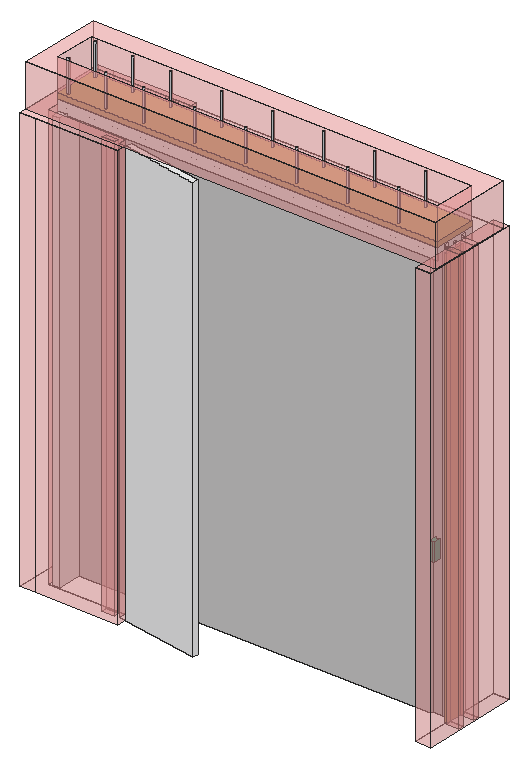
Revit family "Doors-Sliding_WON-DOOR_DuraSound_Manual_Floating_N", category Doors, host Wall, Revit 2020 (continued)
Definition of nested family "First Part"
  Lines and regions (in)
    detail lines, in view "Ref. Level", visible <- "Wall Construction"
      curve 21: line (3.12234, 11, 0) -> (1.49734, 11, 0)
      curve 22: line (1.49734, 9, 0) -> (1.49734, 11, 0)
      curve 23: line (-14.87766, 9, 0) -> (1.49734, 9, 0)
      curve 24: line (-14.87766, -9, 0) -> (-14.87766, 9, 0)
      curve 25: line (-19.25266, -13.875, 0) -> (-14.87766, -13.875, 0)
      curve 26: line (-14.87766, -13.875, 0) -> (3.12234, -13.875, 0)
      curve 27: line (1.49734, -9, 0) -> (-14.87766, -9, 0)
      curve 28: line (1.49734, -11, 0) -> (1.49734, -9, 0)
      curve 29: line (3.12234, -13.875, 0) -> (3.12234, -11, 0)
      curve 30: line (1.49734, -11, 0) -> (3.12234, -11, 0)
  Dimensions and locks (in)
    locked: curve 1 to curve 1 at 35
    locked: curve 2 to curve 2 at 60.00766
    locked: curve 2 to plane 1 "Center (Front/Back)" at 25.00766
    locked: plane 3 "1" to Masking region 7 sketch curve at 1.12234  (x2)
    locked: Masking region 8 sketch curve to plane 4 at 4.375
    locked: Masking region 1 sketch curve to Masking region 1 sketch curve at 2
    Masking region 7 sketch curve to Masking region 7 sketch curve to Masking region 7 sketch curve = 0' - 0 1/2" locked, 0' - 0.6683" locked  (x2)
    locked: plane 4 to Masking region 7 sketch curve at 2.5
    locked: Masking region 9 sketch curve to Masking region 9 sketch curve at 3.625  (x2)
    locked: Masking region 8 sketch curve to plane 5 "Center (Left/Right)" at 1.625  (x2)
    locked: Masking region 2 sketch curve to plane 5 "Center (Left/Right)" at 1.625  (x2)
    locked: Masking region 10 sketch curve to Masking region 10 sketch curve at 1.625
    "Stack Depth": plane 4 to plane 5 "Center (Left/Right)"
    locked: plane 5 "Center (Left/Right)" to Masking region 11 sketch curve at 0.26634
    locked: plane 5 "Center (Left/Right)" to Masking region 11 sketch curve at 21.7025
    locked: plane 5 "Center (Left/Right)" to Masking region 11 sketch curve at 21.96883
    aligned and locked: curve 1 to plane 4
    aligned and locked: plane 1 "Center (Front/Back)" to curve 1
    aligned and locked: curve 2 to plane 3 "1"
    aligned and locked: Masking region 7 sketch curve to Masking region 6  (x9)
    aligned and locked: Masking region 6 to Masking region 7 sketch curve  (x2)
    aligned and locked: plane 4 to Masking region 8 sketch curve
    aligned and locked: Masking region 2 sketch curve to plane 4
    aligned and locked: Masking region 3 to curve 5
    aligned and locked: Masking region 4 to curve 5
    aligned and locked: curve 6 to Masking region 4
    aligned and locked: curve 6 to Masking region 3
    aligned and locked: curve 8 to Masking region 6
    aligned and locked: curve 8 to Masking region 5
    aligned and locked: Masking region 5 to curve 7
    aligned and locked: Masking region 6 to curve 7
    aligned and locked: plane 5 "Center (Left/Right)" to Masking region 8 sketch curve  (x3)
    aligned and locked: Masking region 2 sketch curve to plane 5 "Center (Left/Right)"
    aligned and locked: Masking region 10 sketch curve to plane 5 "Center (Left/Right)"
    aligned and locked: plane 5 "Center (Left/Right)" to Masking region 11 sketch curve
    aligned and locked: curve 9 to Masking region 9
    aligned and locked: curve 10 to Masking region 9
    aligned and locked: curve 11 to Masking region 9
    aligned and locked: curve 12 to Masking region 9
    aligned and locked: curve 13 to Masking region 9
    aligned and locked: curve 14 to Masking region 9
    aligned and locked: curve 15 to Masking region 9
    aligned and locked: curve 16 to Masking region 9
    aligned and locked: curve 17 to Masking region 8
    aligned and locked: curve 18 to Masking region 8
    aligned and locked: curve 19 to Masking region 8
    aligned and locked: curve 20 to Masking region 8
    aligned and locked: curve 21 to Masking region 10
    aligned and locked: curve 22 to Masking region 8
    aligned and locked: curve 23 to Masking region 8
    aligned and locked: curve 24 to Masking region 8
    aligned and locked: curve 25 to Masking region 8
    aligned and locked: curve 26 to Masking region 8
    aligned and locked: curve 27 to Masking region 8
    aligned and locked: curve 28 to Masking region 8
    aligned and locked: curve 29 to Masking region 8
    aligned and locked: curve 30 to Masking region 10
  Automatic sketch dimensions
    Masking region 3 sketch curve to curve 1 = 0' - 5.86722"
    Masking region 3 sketch curve to Masking region 3 sketch curve = 0' - 0"  (x115)
    Masking region 3 sketch curve to curve 1 = 0' - 4.63688"  (x2)
    Masking region 3 sketch curve to curve 1 = 0' - 4.00688"  (x2)
    Masking region 3 sketch curve to Masking region 3 sketch curve = 0' - 0.04427"  (x22)
    Masking region 3 sketch curve to curve 1 = 0' - 3.69188"  (x2)
    Masking region 3 sketch curve to curve 1 = 0' - 4.32188"  (x2)
    Masking region 3 sketch curve to Masking region 3 sketch curve = 0' - 0.67452"  (x2)
    Masking region 3 sketch curve to Masking region 3 sketch curve = 0' - 0.73961"
    Masking region 3 sketch curve to Masking region 3 sketch curve = 0' - 0.00196"
    Masking region 3 sketch curve to Masking region 3 sketch curve = 0' - 0.05689"  (x4)
    Masking region 3 sketch curve to Masking region 3 sketch curve = 0' - 0.06541"  (x2)
    Masking region 3 sketch curve to Masking region 3 sketch curve = 0' - 0.02757"
    Masking region 3 sketch curve to Masking region 3 sketch curve = 0' - 0.48775"  (x2)
    Masking region 3 sketch curve to Masking region 3 sketch curve = 0' - 0.50856"  (x2)
    Masking region 3 sketch curve to Masking region 3 sketch curve = 0' - 0.45168"  (x3)
    Masking region 3 sketch curve to Masking region 3 sketch curve = 0' - 0.42411"  (x2)
    Masking region 3 sketch curve to Masking region 3 sketch curve = 0' - 0.5973"  (x9)
    Masking region 3 sketch curve to Masking region 3 sketch curve = 0' - 0.63786"  (x5)
    Masking region 3 sketch curve to Masking region 3 sketch curve = 0' - 0.32217"  (x8)
    Masking region 3 sketch curve to Masking region 3 sketch curve = 0' - 0.612"  (x7)
    Masking region 3 sketch curve to Masking region 3 sketch curve = 0' - 0.07516"  (x24)
    Masking region 3 sketch curve to Masking region 3 sketch curve = 0' - 0.548"  (x8)
    Masking region 3 sketch curve to Masking region 3 sketch curve = 0' - 0.26882"
    Masking region 3 sketch curve to Masking region 3 sketch curve = 0' - 0 1/32"  (x12)
    Masking region 3 sketch curve to Masking region 3 sketch curve = 0' - 0 3/32"  (x4)
    Masking region 3 sketch curve to Masking region 3 sketch curve = 0' - 0.70214"
    Masking region 3 sketch curve to curve 1 = 0' - 0.80801"  (x2)
    Masking region 3 sketch curve to Masking region 3 sketch curve = 0' - 0.03716"
    Masking region 3 sketch curve to Masking region 3 sketch curve = 0' - 0 5/64"  (x2)
    Masking region 3 sketch curve to curve 1 = 0' - 0.20356"
    curve 1 to Masking region 3 sketch curve = 0' - 0.07856"
    curve 1 to Masking region 3 sketch curve = 0' - 0.76374"  (x2)
    Masking region 3 sketch curve to Masking region 3 sketch curve = 0' - 0.65725"
    Masking region 3 sketch curve to Masking region 3 sketch curve = 0' - 0.04096"
    Masking region 3 sketch curve to Masking region 3 sketch curve = 0' - 0.60839"
    Masking region 3 sketch curve to Masking region 3 sketch curve = 0' - 1.08364"  (x2)
    Masking region 3 sketch curve to Masking region 3 sketch curve = 0' - 0.44315"
    Masking region 3 sketch curve to Masking region 3 sketch curve = 0' - 0.48579"
    Masking region 3 sketch curve to Masking region 3 sketch curve = 0' - 0.69007"  (x2)
    Masking region 3 sketch curve to Masking region 3 sketch curve = 0' - 0.71285"
    curve 1 to Masking region 3 sketch curve = 0' - 2 1/2"  (x2)
    Masking region 3 sketch curve to curve 1 = 0' - 2 1/2"  (x2)
    curve 1 to Masking region 3 sketch curve = 0' - 2 31/32"
    Masking region 3 sketch curve to Masking region 3 sketch curve = 0' - 0.08697"  (x2)
    Masking region 3 sketch curve to Masking region 3 sketch curve = 0' - 0.6683"  (x2)
    Masking region 3 sketch curve to Masking region 3 sketch curve = 0' - 0.02358"  (x2)
    Masking region 3 sketch curve to Masking region 3 sketch curve = 0' - 0.10059"  (x3)
    Masking region 3 sketch curve to Masking region 3 sketch curve = 0' - 0.08395"  (x2)
    Masking region 3 sketch curve to Masking region 3 sketch curve = 0' - 0.315"  (x61)
    Masking region 3 sketch curve to Masking region 3 sketch curve = 0' - 0.29142"
    Masking region 3 sketch curve to Masking region 3 sketch curve = 0' - 0 81/256"  (x20)
    Masking region 3 sketch curve to Masking region 3 sketch curve = 0' - 0 1/4"  (x20)
    Masking region 3 sketch curve to Masking region 3 sketch curve = 0' - 0.565"
    Masking region 3 sketch curve to Masking region 3 sketch curve = 0' - 0 7/16"
    curve 2 to Masking region 4 sketch curve = 0' - 3.72097"  (x2)
    curve 2 to Masking region 4 sketch curve = 2' - 5.13278"
    curve 2 to Masking region 4 sketch curve = 0' - 4.28597"
    Masking region 4 sketch curve to Masking region 4 sketch curve = 0' - 0"  (x120)
    curve 2 to Masking region 4 sketch curve = 0' - 6.74379"  (x2)
    curve 2 to Masking region 4 sketch curve = 0' - 5.48238"  (x2)
    curve 2 to Masking region 4 sketch curve = 0' - 7.05879"
    Masking region 4 sketch curve to Masking region 4 sketch curve = 0' - 0.04427"  (x21)
    curve 2 to Masking region 4 sketch curve = 0' - 5.23238"
    curve 2 to Masking region 4 sketch curve = 0' - 4.60097"  (x2)
    curve 2 to Masking region 4 sketch curve = 0' - 5.79738"
    curve 2 to Masking region 4 sketch curve = 0' - 4.03597"
    Masking region 4 sketch curve to Masking region 4 sketch curve = 0' - 0.67452"  (x2)
    Masking region 4 sketch curve to Masking region 4 sketch curve = 0' - 0.73961"
    Masking region 4 sketch curve to Masking region 4 sketch curve = 0' - 0.00196"
    Masking region 4 sketch curve to Masking region 4 sketch curve = 0' - 0.05689"  (x4)
    Masking region 4 sketch curve to Masking region 4 sketch curve = 0' - 0.06541"  (x2)
    Masking region 4 sketch curve to Masking region 4 sketch curve = 0' - 0.02757"
    Masking region 4 sketch curve to Masking region 4 sketch curve = 0' - 0.45168"  (x4)
    Masking region 4 sketch curve to Masking region 4 sketch curve = 0' - 0.50856"
    Masking region 4 sketch curve to Masking region 4 sketch curve = 0' - 0.48579"  (x2)
    curve 2 to Masking region 4 sketch curve = 0' - 6.11379"  (x2)
    curve 2 to Masking region 4 sketch curve = 0' - 6.65984"  (x2)
    Masking region 4 sketch curve to Masking region 4 sketch curve = 0' - 0.5973"  (x8)
    curve 2 to Masking region 4 sketch curve = 0' - 6.02984"  (x2)
    curve 2 to Masking region 4 sketch curve = 0' - 5.71344"  (x2)
    curve 2 to Masking region 4 sketch curve = 0' - 3.63703"  (x2)
    curve 2 to Masking region 4 sketch curve = 0' - 4.83344"  (x2)
    curve 2 to Masking region 4 sketch curve = 0' - 4.20203"  (x2)
    curve 2 to Masking region 4 sketch curve = 0' - 6.97484"  (x2)
    curve 2 to Masking region 4 sketch curve = 0' - 6.34484"  (x2)
    curve 2 to Masking region 4 sketch curve = 0' - 5 51/128"  (x2)
    curve 2 to Masking region 4 sketch curve = 0' - 4.51703"  (x2)
    curve 2 to Masking region 4 sketch curve = 0' - 5 19/128"  (x2)
    curve 2 to Masking region 4 sketch curve = 0' - 3.95203"  (x2)
    Masking region 4 sketch curve to Masking region 4 sketch curve = 0' - 0.63786"  (x6)
    curve 2 to Masking region 4 sketch curve = 0' - 4.12294"  (x2)
    curve 2 to Masking region 4 sketch curve = 0' - 7.14576"  (x2)
    curve 2 to Masking region 4 sketch curve = 0' - 5.31935"
    curve 2 to Masking region 4 sketch curve = 0' - 5.56935"  (x2)
    curve 2 to Masking region 4 sketch curve = 0' - 6.83076"  (x2)
    curve 2 to Masking region 4 sketch curve = 0' - 4.37294"  (x2)
    curve 2 to Masking region 4 sketch curve = 0' - 5.00435"
    Masking region 4 sketch curve to Masking region 4 sketch curve = 0' - 0.32217"  (x8)
    curve 2 to Masking region 4 sketch curve = 0' - 6.51576"  (x2)
    curve 2 to Masking region 4 sketch curve = 0' - 3.80794"  (x2)
    curve 2 to Masking region 4 sketch curve = 0' - 4.68794"
    curve 2 to Masking region 4 sketch curve = 0' - 6.20076"  (x2)
    curve 2 to Masking region 4 sketch curve = 0' - 5.88435"  (x2)
    Masking region 4 sketch curve to Masking region 4 sketch curve = 0' - 0.18854"
    Masking region 4 sketch curve to Masking region 4 sketch curve = 0' - 0.188"  (x3)
    curve 2 to Masking region 4 sketch curve = 0' - 3.95896"
    Masking region 4 sketch curve to Masking region 4 sketch curve = 0' - 0.612"  (x6)
    curve 2 to Masking region 4 sketch curve = 0' - 5.40536"  (x2)
    curve 2 to Masking region 4 sketch curve = 0' - 5.72036"
    curve 2 to Masking region 4 sketch curve = 0' - 6.03677"
    Masking region 4 sketch curve to Masking region 4 sketch curve = 0' - 0.07516"  (x24)
    curve 2 to Masking region 4 sketch curve = 0' - 6.98177"  (x2)
    curve 2 to Masking region 4 sketch curve = 0' - 4.84036"
    curve 2 to Masking region 4 sketch curve = 0' - 3.64396"
    curve 2 to Masking region 4 sketch curve = 0' - 5.15536"  (x2)
    curve 2 to Masking region 4 sketch curve = 0' - 6.66677"  (x2)
    curve 2 to Masking region 4 sketch curve = 0' - 5.25596"  (x2)
    Masking region 4 sketch curve to Masking region 4 sketch curve = 0' - 0.548"  (x8)
    curve 2 to Masking region 4 sketch curve = 0' - 3.74455"
    curve 2 to Masking region 4 sketch curve = 0' - 4.05955"
    curve 2 to Masking region 4 sketch curve = 0' - 6.13736"  (x2)
    curve 2 to Masking region 4 sketch curve = 0' - 5.50596"  (x2)
    curve 2 to Masking region 4 sketch curve = 0' - 6.45236"  (x2)
    curve 2 to Masking region 4 sketch curve = 0' - 5.82096"  (x2)
    curve 2 to Masking region 4 sketch curve = 0' - 4.30955"  (x2)
    curve 2 to Masking region 4 sketch curve = 0' - 6.76736"
    curve 2 to Masking region 4 sketch curve = 0' - 7.08236"  (x2)
    curve 2 to Masking region 4 sketch curve = 0' - 4.62455"  (x2)
    Masking region 4 sketch curve to curve 2 = 0' - 0.72734"
    Masking region 4 sketch curve to Masking region 4 sketch curve = 0' - 1.416"
    Masking region 4 sketch curve to Masking region 4 sketch curve = 0' - 0.05"
    Masking region 4 sketch curve to Masking region 4 sketch curve = 0' - 0.1"  (x2)
    Masking region 4 sketch curve to Masking region 4 sketch curve = 0' - 1 5/8"  (x2)
    Masking region 4 sketch curve to Masking region 4 sketch curve = 0' - 0.76638"
    Masking region 4 sketch curve to Masking region 4 sketch curve = 0' - 0.065"  (x2)
    curve 2 to Masking region 4 sketch curve = 0' - 0.03929"  (x2)
    Masking region 4 sketch curve to Masking region 4 sketch curve = 0' - 0.235"
    Masking region 4 sketch curve to Masking region 4 sketch curve = 0' - 0.176"  (x3)
    Masking region 4 sketch curve to curve 2 = 0' - 0.05072"  (x2)
    Masking region 4 sketch curve to Masking region 4 sketch curve = 0' - 0.05338"  (x2)
    Masking region 4 sketch curve to Masking region 4 sketch curve = 0' - 0.0403"  (x2)
    Masking region 4 sketch curve to Masking region 4 sketch curve = 0' - 1.03937"  (x2)
    Masking region 4 sketch curve to Masking region 4 sketch curve = 0' - 0.09699"
    Masking region 4 sketch curve to curve 2 = 0' - 0.06953"  (x2)
    Masking region 4 sketch curve to Masking region 4 sketch curve = 0' - 0.05424"  (x2)
    Masking region 4 sketch curve to Masking region 4 sketch curve = 0' - 0.165"  (x2)
    Masking region 4 sketch curve to curve 2 = 0' - 0.23017"  (x2)
    Masking region 4 sketch curve to Masking region 4 sketch curve = 0' - 0.06654"  (x2)
    Masking region 4 sketch curve to Masking region 4 sketch curve = 0' - 0.22589"  (x2)
    Masking region 4 sketch curve to Masking region 4 sketch curve = 0' - 0.46464"
    Masking region 4 sketch curve to Masking region 4 sketch curve = 0' - 1.48"
    Masking region 4 sketch curve to Masking region 4 sketch curve = 0' - 1.52748"
    Masking region 4 sketch curve to Masking region 4 sketch curve = 0' - 0.02374"
    curve 2 to Masking region 4 sketch curve = 0' - 4.94096"
    Masking region 4 sketch curve to Masking region 4 sketch curve = 0' - 0.06801"
    Masking region 4 sketch curve to Masking region 4 sketch curve = 0' - 0.38446"
    Masking region 4 sketch curve to curve 2 = 0' - 0.36875"
    Masking region 4 sketch curve to Masking region 4 sketch curve = 0' - 0.215"
    Masking region 4 sketch curve to Masking region 4 sketch curve = 0' - 1.08364"
    Masking region 4 sketch curve to Masking region 4 sketch curve = 0' - 0.94238"
    curve 2 to Masking region 4 sketch curve = 0' - 4.20896"
    curve 2 to Masking region 4 sketch curve = 0' - 4.52396"
    Masking region 4 sketch curve to Masking region 4 sketch curve = 0' - 0.23546"
    curve 2 to Masking region 4 sketch curve = 0' - 4.91738"
    Masking region 4 sketch curve to Masking region 4 sketch curve = 0' - 0.42411"
    Masking region 4 sketch curve to Masking region 4 sketch curve = 0' - 0.44315"
    Masking region 4 sketch curve to Masking region 4 sketch curve = 0' - 0.48775"
    Masking region 4 sketch curve to Masking region 4 sketch curve = 0' - 0.69007"  (x2)
    Masking region 4 sketch curve to Masking region 4 sketch curve = 0' - 0.71285"
    curve 2 to Masking region 4 sketch curve = 0' - 6.42879"
    Masking region 4 sketch curve to Masking region 4 sketch curve = 0' - 0.315"  (x16)
    Masking region 4 sketch curve to Masking region 4 sketch curve = 0' - 0 1/4"  (x6)
    Masking region 4 sketch curve to Masking region 4 sketch curve = 0' - 0 81/256"
    Masking region 4 sketch curve to Masking region 4 sketch curve = 0' - 0.71661"  (x2)
    Masking region 4 sketch curve to Masking region 4 sketch curve = 0' - 0 1/8"  (x4)
    Masking region 4 sketch curve to Masking region 4 sketch curve = 0' - 0.624"  (x2)
    curve 2 to Masking region 4 sketch curve = 0' - 0.26799"
    Masking region 4 sketch curve to Masking region 4 sketch curve = 0' - 0.03859"  (x2)
    Masking region 4 sketch curve to curve 2 = 0' - 0.33017"
    Masking region 4 sketch curve to curve 2 = 0' - 0.55995"
    Masking region 4 sketch curve to Masking region 4 sketch curve = 0' - 0.35859"
    Masking region 4 sketch curve to Masking region 4 sketch curve = 0' - 0.395"  (x2)
    curve 2 to Masking region 6 sketch curve = 0' - 4.05955"
    curve 2 to Masking region 6 sketch curve = 2' - 5.13278"
    Masking region 6 sketch curve to Masking region 6 sketch curve = 0' - 0"  (x19)
    Masking region 6 sketch curve to Masking region 6 sketch curve = 0' - 2.97322"
    Masking region 6 sketch curve to curve 2 = 0' - 0.38531"
    Masking region 6 sketch curve to Masking region 6 sketch curve = 0' - 1.604"
    Masking region 6 sketch curve to Masking region 6 sketch curve = 0' - 0.215"  (x2)
    Masking region 6 sketch curve to Masking region 6 sketch curve = 0' - 1.989"  (x2)
    Masking region 6 sketch curve to curve 2 = 0' - 0.03807"  (x2)
    Masking region 6 sketch curve to Masking region 6 sketch curve = 0' - 0.06484"
    Masking region 6 sketch curve to Masking region 6 sketch curve = 0' - 0.14126"  (x2)
    Masking region 6 sketch curve to Masking region 6 sketch curve = 0' - 0.02374"  (x3)
    Masking region 6 sketch curve to Masking region 6 sketch curve = 0' - 0.14962"  (x2)
    Masking region 6 sketch curve to Masking region 6 sketch curve = 0' - 1.38107"
    Masking region 6 sketch curve to Masking region 6 sketch curve = 0' - 1.48"
    Masking region 6 sketch curve to Masking region 6 sketch curve = 0' - 0.165"
    Masking region 6 sketch curve to Masking region 6 sketch curve = 0' - 0.23484"
    Masking region 6 sketch curve to Masking region 6 sketch curve = 0' - 2.98878"
    curve 2 to Masking region 6 sketch curve = 0' - 4.28597"
    Masking region 6 sketch curve to Masking region 6 sketch curve = 0' - 0.22642"  (x2)
    Masking region 6 sketch curve to Masking region 6 sketch curve = 0' - 0.315"  (x13)
    Masking region 6 sketch curve to Masking region 6 sketch curve = 0' - 0 1/4"  (x4)
    Masking region 6 sketch curve to Masking region 6 sketch curve = 0' - 0 81/256"  (x4)
    Masking region 6 sketch curve to Masking region 6 sketch curve = 0' - 0.84161"  (x2)
    Masking region 6 sketch curve to Masking region 6 sketch curve = 0' - 1"  (x2)
    curve 2 to Masking region 6 sketch curve = 0' - 0.26799"
    curve 2 to Masking region 6 sketch curve = 0' - 0.03929"  (x2)
    Masking region 6 sketch curve to Masking region 6 sketch curve = 0' - 0.19209"
    Masking region 6 sketch curve to Masking region 6 sketch curve = 0' - 0.08824"  (x2)
    Masking region 6 sketch curve to curve 2 = 0' - 0.29707"
    Masking region 6 sketch curve to Masking region 6 sketch curve = 0' - 0.73703"  (x2)
    Masking region 5 sketch curve to curve 1 = 0' - 4.2983"
    Masking region 5 sketch curve to curve 1 = 0' - 5.86722"
    Masking region 5 sketch curve to Masking region 5 sketch curve = 0' - 0"  (x18)
    Masking region 5 sketch curve to curve 1 = 0' - 1.57856"
    Masking region 5 sketch curve to Masking region 5 sketch curve = 0' - 0 1/32"  (x6)
    Masking region 5 sketch curve to Masking region 5 sketch curve = 0' - 0.70214"  (x2)
    Masking region 5 sketch curve to Masking region 5 sketch curve = 0' - 0 5/64"  (x2)
    Masking region 5 sketch curve to curve 1 = 0' - 0.76374"
    Masking region 5 sketch curve to Masking region 5 sketch curve = 0' - 0.00331"  (x2)
    Masking region 5 sketch curve to curve 1 = 0' - 0.10981"
    curve 1 to Masking region 5 sketch curve = 0' - 0.07856"
    curve 1 to Masking region 5 sketch curve = 0' - 0.76374"  (x2)
    Masking region 5 sketch curve to curve 1 = 0' - 3.6683"
    Masking region 5 sketch curve to Masking region 5 sketch curve = 0' - 4.30422"
    Masking region 5 sketch curve to curve 1 = 0' - 3"
    Masking region 5 sketch curve to Masking region 5 sketch curve = 0' - 0.6683"
    Masking region 5 sketch curve to Masking region 5 sketch curve = 0' - 0 15/32"  (x2)
    curve 1 to Masking region 5 sketch curve = 0' - 2 1/2"  (x2)
    Masking region 5 sketch curve to Masking region 5 sketch curve = 0' - 0.63"
    Masking region 5 sketch curve to Masking region 5 sketch curve = 0' - 0.315"  (x13)
    Masking region 5 sketch curve to Masking region 5 sketch curve = 0' - 0 81/256"  (x4)
    Masking region 5 sketch curve to Masking region 5 sketch curve = 0' - 0 1/4"  (x4)
    curve 2 to curve 4 = 0' - 6.99379"
    curve 2 to curve 4 = 2' - 5.13278"
    curve 4 to curve 4 = 0' - 11 3/4"
    Masking region 1 sketch curve to curve 1 = 0' - 2 1/2"
    Masking region 1 sketch curve to curve 1 = 0' - 8 1/2"
    curve 1 to Masking region 1 sketch curve = 0' - 8 1/2"
    Masking region 7 sketch curve to Masking region 7 sketch curve = 0' - 2.98878"
    plane 1 "Center (Front/Back)" to Masking region 7 sketch curve = 0' - 1.57856"
    plane 1 "Center (Front/Back)" to Masking region 7 sketch curve = 0' - 0.84517"
    Masking region 7 sketch curve to plane 1 "Center (Front/Back)" = 0' - 0.84517"
    Masking region 7 sketch curve to Masking region 7 sketch curve = 0' - 0.73339"
    Masking region 7 sketch curve to Masking region 7 sketch curve = 0' - 4.28867"
    Masking region 9 sketch curve to plane 3 "1" = 0' - 3.50063"  (x2)
    plane 1 "Center (Front/Back)" to Masking region 9 sketch curve = 0' - 11.24979"
    Masking region 9 sketch curve to Masking region 9 sketch curve = 0' - 1 5/8"  (x2)
    Masking region 9 sketch curve to plane 1 "Center (Front/Back)" = 0' - 9.62521"
    plane 1 "Center (Front/Back)" to Masking region 8 sketch curve = 1' - 1 7/8"  (x2)
    Masking region 8 sketch curve to Masking region 8 sketch curve = 0' - 2 7/8"
    Masking region 8 sketch curve to Masking region 8 sketch curve = 0' - 4 7/8"  (x2)
    Masking region 8 sketch curve to plane 1 "Center (Front/Back)" = 0' - 9"
    Masking region 8 sketch curve to Masking region 8 sketch curve = 0' - 2"
    Masking region 8 sketch curve to Masking region 8 sketch curve = 0' - 0"
    plane 1 "Center (Front/Back)" to Masking region 2 sketch curve = 0' - 11"
    Masking region 2 sketch curve to Masking region 2 sketch curve = 0' - 2"  (x2)
    Masking region 2 sketch curve to plane 1 "Center (Front/Back)" = 0' - 9"
    plane 1 "Center (Front/Back)" to Masking region 10 sketch curve = 0' - 11"
    Masking region 10 sketch curve to plane 1 "Center (Front/Back)" = 0' - 11"
    plane 1 "Center (Front/Back)" to Masking region 11 sketch curve = 1' - 2.60579"
    Masking region 11 sketch curve to Masking region 11 sketch curve = 0' - 1.60303"
    Masking region 8 sketch curve to plane 4 = 0' - 0"  (x4)
    curve 19 to curve 1 = 0' - 0"
    curve 17 to curve 1 = 0' - 0"
    curve 24 to curve 1 = 0' - 0"
    curve 26 to curve 1 = 0' - 0"
    curve 1 to curve 18 = 0' - 4 3/8"
    curve 18 to curve 1 = 1' - 1 7/8"
    curve 19 to curve 1 = 1' - 1 7/8"
    curve 19 to curve 10 = 0' - 2.62479"
    curve 9 to curve 21 = 0' - 0.25021"
    curve 9 to curve 11 = 0' - 1 5/8"
    curve 17 to curve 24 = 0' - 4 7/8"
    curve 10 to curve 5 = 0' - 3.75798"
    curve 1 to curve 3 = 0' - 5.88278"
    curve 6 to curve 28 = 0' - 3.11722"
    curve 27 to curve 13 = 0' - 0.62479"
    curve 13 to curve 28 = 0' - 1.37521"
    curve 28 to curve 16 = 0' - 0.24979"
    curve 24 to curve 26 = 0' - 4 7/8"
    curve 6 to curve 15 = 0' - 3.24315"
    curve 5 to curve 9 = 0' - 3.24315"
    curve 13 to curve 13 = 0' - 3 5/8"
    curve 9 to curve 9 = 0' - 3 5/8"
    curve 15 to curve 30 = 0' - 1.37297"
    curve 11 to curve 23 = 0' - 1.37297"
    curve 21 to curve 20 = 0' - 1 5/8"
    curve 28 to curve 26 = 0' - 1 5/8"
    curve 8 to curve 5 = 0' - 0"
    curve 7 to curve 3 = 0' - 0"
    curve 25 to curve 1 = 0' - 0"
    curve 25 to curve 26 = 0' - 0"
Definition of nested family "Second Part"
  Parameters (values of type "Second Part")
    Wall for Single [instance] = if(and(Wall Construction, Single Door), 1 = 1, 1 = 2)  # yes
    Wall for Double [instance] = if(and(Wall Construction, Double Door), 1 = 1, 1 = 2)  # yes
    Wall Construction [instance] = yes
    Stack Depth [instance] = 3' - 0"
    Single Door [instance] = yes
    Open [instance] = yes
    Double Door [instance] = yes
    Geomentry for Double [instance] = if(and(Open, Double Door), 1 = 1, 1 = 2)  # yes
    Door for Double [instance] = if(and(Closed, Double Door), 1 = 1, 1 = 2)  # no
    Closed [instance] = not(Open)  # no
    Backing for Single [instance] = if(and(Backing Profile, Single Door), 1 = 1, 1 = 2)  # yes
    Backing for Double [instance] = if(and(Backing Profile, Double Door), 1 = 1, 1 = 2)  # yes
    Backing Profile [instance] = yes
  Reference planes (in)
    plane 1 "Center (Front/Back)": y = 0
    plane 2: z = 0
    plane 3 "1": x = 0
    plane 4: x = -32.87766
    plane 5 "Center (Left/Right)": x = 3.12234
  Lines and regions (in)
    Masking region 1, in view "Ref. Level", visible <- "Geomentry for Double"
      outline origin (-32.87766, 35, 0) x (0, -1, 0) y (1, 0, 0)
        loop
          line (26.5, 0.5) -> (43.5, 0.5) -> (43.5, 2.5) -> (26.5, 2.5) -> (26.5, 0.5)
    Masking region 2, in view "Ref. Level", visible <- "Geomentry for Double"
      outline origin (0, 0, 0) x (1, 0, 0) y (0, 1, 0)
        loop
          line (-32.87766, 9) -> (-32.87766, -9) -> (1.49734, -9) -> (1.49734, -11) -> (3.12234, -11) -> (3.12234, 11) -> (1.49734, 11) -> (1.49734, 9) -> (-32.87766, 9)
    Masking region 3, in view "Ref. Level", visible <- "Geomentry for Double", detail levels fine
      outline origin (-32.87766, 35, 0) x (0, -1, 0) y (1, 0, 0)
        loop
          line (33.42144, 2.5) -> (33.54644, 2.5) -> (33.54644, 2.53125) -> (33.45269, 2.53125) -> (33.45269, 2.96875) -> (34.89019, 2.96875) -> (34.89019, 2.53125) -> (34.79644, 2.53125) -> (34.79644, 2.5) -> (34.92144, 2.5) -> (34.92144, 3) -> (34.23295, 3) -> (34.23295, 3.69188) -> (34.19199, 3.9833) -> (33.15262, 3.9833) -> (32.60462, 4.08389) -> (32.52946, 4.08389) -> (31.91746, 3.91991) -> (31.59529, 3.91991) -> (30.95744, 4.09082) -> (30.36013, 4.00688) -> (29.91698, 4.00688) -> (29.13278, 4.00688) -> (29.17705, 3.69188) -> (29.85157, 3.69188) -> (30.36013, 3.69188) -> (30.95744, 3.77582) -> (31.59529, 3.60491) -> (31.91746, 3.60491) -> (32.52946, 3.76889) -> (32.60462, 3.76889) -> (33.15262, 3.6683) -> (34.15483, 3.6683) -> (34.15483, 3) -> (33.42144, 3) -> (33.42144, 2.5)
        loop
          line (36.57856, 2.5) -> (36.57856, 3) -> (35.84517, 3) -> (35.84517, 3.6683) -> (36.84738, 3.6683) -> (37.39538, 3.76889) -> (37.47054, 3.76889) -> (38.08254, 3.60491) -> (38.40471, 3.60491) -> (39.04256, 3.77582) -> (39.63987, 3.69188) -> (40.14843, 3.69188) -> (40.83851, 3.69188) -> (40.88278, 4.00688) -> (40.08302, 4.00688) -> (39.63987, 4.00688) -> (39.04256, 4.09082) -> (38.40471, 3.91991) -> (38.08254, 3.91991) -> (37.47054, 4.08389) -> (37.39538, 4.08389) -> (36.84738, 3.9833) -> (35.80801, 3.9833) -> (35.76705, 3.69188) -> (35.76705, 3) -> (35.07856, 3) -> (35.07856, 2.5) -> (35.20356, 2.5) -> (35.20356, 2.53125) -> (35.10981, 2.53125) -> (35.10981, 2.96875) -> (36.54731, 2.96875) -> (36.54731, 2.53125) -> (36.45356, 2.53125) -> (36.45356, 2.5) -> (36.57856, 2.5)
        loop
          line (34.23626, 4.2983) -> (34.19199, 4.6133) -> (33.15262, 4.6133) -> (32.60462, 4.71389) -> (32.52946, 4.71389) -> (31.91746, 4.54991) -> (31.59529, 4.54991) -> (30.95744, 4.72082) -> (30.36013, 4.63688) -> (29.90845, 4.63688) -> (29.13278, 4.63688) -> (29.17705, 4.32188) -> (29.85157, 4.32188) -> (30.36013, 4.32188) -> (30.95744, 4.40582) -> (31.59529, 4.23491) -> (31.91746, 4.23491) -> (32.52946, 4.39889) -> (32.60462, 4.39889) -> (33.15262, 4.2983) -> (34.23626, 4.2983)
        loop
          line (34.23626, 5.49471) -> (34.19199, 5.80971) -> (33.15262, 5.80971) -> (32.60462, 5.9103) -> (32.52946, 5.9103) -> (31.91746, 5.74632) -> (31.59529, 5.74632) -> (30.95744, 5.91723) -> (30.36013, 5.83328) -> (29.93603, 5.83328) -> (29.13278, 5.83328) -> (29.17705, 5.51828) -> (30.36013, 5.51828) -> (30.95744, 5.60223) -> (31.59529, 5.43132) -> (31.91746, 5.43132) -> (32.52946, 5.5953) -> (32.60462, 5.5953) -> (33.15262, 5.49471) -> (34.23626, 5.49471)
        loop
          line (29.17705, 6.14969) -> (30.36013, 6.14969) -> (30.95744, 6.23364) -> (31.59529, 6.06272) -> (31.91746, 6.06272) -> (32.52946, 6.22671) -> (32.60462, 6.22671) -> (33.15262, 6.12611) -> (34.23626, 6.12611) -> (34.19199, 6.44111) -> (33.15262, 6.44111) -> (32.60462, 6.54171) -> (32.52946, 6.54171) -> (31.91746, 6.37772) -> (31.59529, 6.37772) -> (30.95744, 6.54864) -> (30.36013, 6.46469) -> (29.87434, 6.46469) -> (29.13278, 6.46469) -> (29.17705, 6.14969)
        loop
          line (29.17705, 6.71469) -> (30.36013, 6.71469) -> (30.95744, 6.79864) -> (31.59529, 6.62772) -> (31.91746, 6.62772) -> (32.52946, 6.79171) -> (32.60462, 6.79171) -> (33.15262, 6.69111) -> (34.23626, 6.69111) -> (34.19199, 7.00611) -> (33.15262, 7.00611) -> (32.60462, 7.10671) -> (32.52946, 7.10671) -> (31.91746, 6.94272) -> (31.59529, 6.94272) -> (30.95744, 7.11364) -> (30.36013, 7.02969) -> (29.87239, 7.02969) -> (29.13278, 7.02969) -> (29.17705, 6.71469)
        loop
          line (35.76374, 4.2983) -> (36.84738, 4.2983) -> (37.39538, 4.39889) -> (37.47054, 4.39889) -> (38.08254, 4.23491) -> (38.40471, 4.23491) -> (39.04256, 4.40582) -> (39.63987, 4.32188) -> (40.14843, 4.32188) -> (40.83851, 4.32188) -> (40.88278, 4.63688) -> (40.09155, 4.63688) -> (39.63987, 4.63688) -> (39.04256, 4.72082) -> (38.40471, 4.54991) -> (38.08254, 4.54991) -> (37.47054, 4.71389) -> (37.39538, 4.71389) -> (36.84738, 4.6133) -> (35.80801, 4.6133) -> (35.76374, 4.2983)
        loop
          line (35.76374, 5.49471) -> (36.84738, 5.49471) -> (37.39538, 5.5953) -> (37.47054, 5.5953) -> (38.08254, 5.43132) -> (38.40471, 5.43132) -> (39.04256, 5.60223) -> (39.63987, 5.51828) -> (40.83851, 5.51828) -> (40.88278, 5.83328) -> (40.06397, 5.83328) -> (39.63987, 5.83328) -> (39.04256, 5.91723) -> (38.40471, 5.74632) -> (38.08254, 5.74632) -> (37.47054, 5.9103) -> (37.39538, 5.9103) -> (36.84738, 5.80971) -> (35.80801, 5.80971) -> (35.76374, 5.49471)
        loop
          line (40.83851, 6.14969) -> (40.88278, 6.46469) -> (40.12566, 6.46469) -> (39.63987, 6.46469) -> (39.04256, 6.54864) -> (38.40471, 6.37772) -> (38.08254, 6.37772) -> (37.47054, 6.54171) -> (37.39538, 6.54171) -> (36.84738, 6.44111) -> (35.80801, 6.44111) -> (35.76374, 6.12611) -> (36.84738, 6.12611) -> (37.39538, 6.22671) -> (37.47054, 6.22671) -> (38.08254, 6.06272) -> (38.40471, 6.06272) -> (39.04256, 6.23364) -> (39.63987, 6.14969) -> (40.83851, 6.14969)
        loop
          line (40.83851, 6.71469) -> (40.88278, 7.02969) -> (40.12761, 7.02969) -> (39.63987, 7.02969) -> (39.04256, 7.11364) -> (38.40471, 6.94272) -> (38.08254, 6.94272) -> (37.47054, 7.10671) -> (37.39538, 7.10671) -> (36.84738, 7.00611) -> (35.80801, 7.00611) -> (35.76374, 6.69111) -> (36.84738, 6.69111) -> (37.39538, 6.79171) -> (37.47054, 6.79171) -> (38.08254, 6.62772) -> (38.40471, 6.62772) -> (39.04256, 6.79864) -> (39.63987, 6.71469) -> (40.83851, 6.71469)
        loop
          line (34.23626, 4.92971) -> (34.19199, 5.24471) -> (33.15262, 5.24471) -> (32.60462, 5.3453) -> (32.52946, 5.3453) -> (31.91746, 5.18132) -> (31.59529, 5.18132) -> (30.95744, 5.35223) -> (30.36013, 5.26828) -> (29.90845, 5.26828) -> (29.13278, 5.26828) -> (29.17705, 4.95328) -> (29.85157, 4.95328) -> (30.36013, 4.95328) -> (30.95744, 5.03723) -> (31.59529, 4.86632) -> (31.91746, 4.86632) -> (32.52946, 5.0303) -> (32.60462, 5.0303) -> (33.15262, 4.92971) -> (34.23626, 4.92971)
        loop
          line (35.76374, 4.92971) -> (36.84738, 4.92971) -> (37.39538, 5.0303) -> (37.47054, 5.0303) -> (38.08254, 4.86632) -> (38.40471, 4.86632) -> (39.04256, 5.03723) -> (39.63987, 4.95328) -> (40.14843, 4.95328) -> (40.83851, 4.95328) -> (40.88278, 5.26828) -> (40.09155, 5.26828) -> (39.63987, 5.26828) -> (39.04256, 5.35223) -> (38.40471, 5.18132) -> (38.08254, 5.18132) -> (37.47054, 5.3453) -> (37.39538, 5.3453) -> (36.84738, 5.24471) -> (35.80801, 5.24471) -> (35.76374, 4.92971)
    Masking region 4, in view "Ref. Level", visible <- "Geomentry for Double", detail levels fine
      outline origin (0, 35, 0) x (0, -1, 0) y (1, 0, 0)
        loop
          line (35.74, -0.26799) -> (35.74, -3.74455) -> (35.74, -4.05955) -> (36.84738, -4.05955) -> (37.39538, -3.95896) -> (37.47054, -3.95896) -> (38.08254, -4.12294) -> (38.40471, -4.12294) -> (39.04256, -3.95203) -> (39.63987, -4.03597) -> (40.83851, -4.03597) -> (40.88278, -3.72097) -> (40.12761, -3.72097) -> (39.63987, -3.72097) -> (39.04256, -3.63703) -> (38.40471, -3.80794) -> (38.08254, -3.80794) -> (37.47054, -3.64396) -> (37.39538, -3.64396) -> (36.84738, -3.74455) -> (35.905, -3.74455) -> (35.905, -3.02794) -> (36.081, -3.02794) -> (36.081, -2.90294) -> (37.706, -2.90294)
          arc (37.706, -2.90294) -> (37.83894, -2.84788) -> (37.894, -2.71494) r 0.188
          line (37.894, -2.71494) -> (37.894, -2.09094)
          arc (37.894, -2.09094) -> (37.83894, -1.95801) -> (37.706, -1.90294) r 0.188
          line (37.706, -1.90294) -> (36.081, -1.90294) -> (36.081, -1.77794) -> (35.905, -1.77794) -> (35.905, 0) -> (34.095, 0) -> (34.095, -1.77794) -> (33.919, -1.77794) -> (33.919, -1.90294) -> (32.294, -1.90294)
          arc (32.294, -1.90294) -> (32.16106, -1.95801) -> (32.106, -2.09094) r 0.188
          line (32.106, -2.09094) -> (32.106, -2.71494)
          arc (32.106, -2.71494) -> (32.16106, -2.84788) -> (32.294, -2.90294) r 0.188
          line (32.294, -2.90294) -> (33.919, -2.90294) -> (33.919, -3.02794) -> (34.095, -3.02794) -> (34.095, -3.74455) -> (33.15262, -3.74455) -> (32.60462, -3.64396) -> (32.52946, -3.64396) -> (31.91746, -3.80794) -> (31.59529, -3.80794) -> (30.95744, -3.63703) -> (30.36013, -3.72097) -> (29.87239, -3.72097) -> (29.13278, -3.72097) -> (29.17705, -4.03597) -> (30.36013, -4.03597) -> (30.95744, -3.95203) -> (31.59529, -4.12294) -> (31.91746, -4.12294) -> (32.52946, -3.95896) -> (32.60462, -3.95896) -> (33.15262, -4.05955) -> (34.26, -4.05955) -> (34.26, -3.74455) -> (34.26, -0.26799) -> (35.74, -0.26799)
        loop
          line (34.23626, -7.08236) -> (34.19199, -6.76736) -> (33.15262, -6.76736) -> (32.60462, -6.66677) -> (32.52946, -6.66677) -> (31.91746, -6.83076) -> (31.59529, -6.83076) -> (30.95744, -6.65984) -> (30.36013, -6.74379) -> (29.91698, -6.74379) -> (29.13278, -6.74379) -> (29.17705, -7.05879) -> (29.85157, -7.05879) -> (30.36013, -7.05879) -> (30.95744, -6.97484) -> (31.59529, -7.14576) -> (31.91746, -7.14576) -> (32.52946, -6.98177) -> (32.60462, -6.98177) -> (33.15262, -7.08236) -> (34.23626, -7.08236)
        loop
          line (34.23626, -6.45236) -> (34.19199, -6.13736) -> (33.15262, -6.13736) -> (32.60462, -6.03677) -> (32.52946, -6.03677) -> (31.91746, -6.20076) -> (31.59529, -6.20076) -> (30.95744, -6.02984) -> (30.36013, -6.11379) -> (29.90845, -6.11379) -> (29.13278, -6.11379) -> (29.17705, -6.42879) -> (29.85157, -6.42879) -> (30.36013, -6.42879) -> (30.95744, -6.34484) -> (31.59529, -6.51576) -> (31.91746, -6.51576) -> (32.52946, -6.35177) -> (32.60462, -6.35177) -> (33.15262, -6.45236) -> (34.23626, -6.45236)
        loop
          line (34.23626, -5.25596) -> (34.19199, -4.94096) -> (33.15262, -4.94096) -> (32.60462, -4.84036) -> (32.52946, -4.84036) -> (31.91746, -5.00435) -> (31.59529, -5.00435) -> (30.95744, -4.83344) -> (30.36013, -4.91738) -> (29.93603, -4.91738) -> (29.13278, -4.91738) -> (29.17705, -5.23238) -> (30.36013, -5.23238) -> (30.95744, -5.14844) -> (31.59529, -5.31935) -> (31.91746, -5.31935) -> (32.52946, -5.15536) -> (32.60462, -5.15536) -> (33.15262, -5.25596) -> (34.23626, -5.25596)
        loop
          line (29.17705, -4.60097) -> (30.36013, -4.60097) -> (30.95744, -4.51703) -> (31.59529, -4.68794) -> (31.91746, -4.68794) -> (32.52946, -4.52396) -> (32.60462, -4.52396) -> (33.15262, -4.62455) -> (34.23626, -4.62455) -> (34.19199, -4.30955) -> (33.15262, -4.30955) -> (32.60462, -4.20896) -> (32.52946, -4.20896) -> (31.91746, -4.37294) -> (31.59529, -4.37294) -> (30.95744, -4.20203) -> (30.36013, -4.28597) -> (29.87434, -4.28597) -> (29.13278, -4.28597) -> (29.17705, -4.60097)
        loop
          line (35.76374, -7.08236) -> (36.84738, -7.08236) -> (37.39538, -6.98177) -> (37.47054, -6.98177) -> (38.08254, -7.14576) -> (38.40471, -7.14576) -> (39.04256, -6.97484) -> (39.63987, -7.05879) -> (40.14843, -7.05879) -> (40.83851, -7.05879) -> (40.88278, -6.74379) -> (40.08302, -6.74379) -> (39.63987, -6.74379) -> (39.04256, -6.65984) -> (38.40471, -6.83076) -> (38.08254, -6.83076) -> (37.47054, -6.66677) -> (37.39538, -6.66677) -> (36.84738, -6.76736) -> (35.80801, -6.76736) -> (35.76374, -7.08236)
        loop
          line (35.76374, -6.45236) -> (36.84738, -6.45236) -> (37.39538, -6.35177) -> (37.47054, -6.35177) -> (38.08254, -6.51576) -> (38.40471, -6.51576) -> (39.04256, -6.34484) -> (39.63987, -6.42879) -> (40.14843, -6.42879) -> (40.83851, -6.42879) -> (40.88278, -6.11379) -> (40.09155, -6.11379) -> (39.63987, -6.11379) -> (39.04256, -6.02984) -> (38.40471, -6.20076) -> (38.08254, -6.20076) -> (37.47054, -6.03677) -> (37.39538, -6.03677) -> (36.84738, -6.13736) -> (35.80801, -6.13736) -> (35.76374, -6.45236)
        loop
          line (35.76374, -5.25596) -> (36.84738, -5.25596) -> (37.39538, -5.15536) -> (37.47054, -5.15536) -> (38.08254, -5.31935) -> (38.40471, -5.31935) -> (39.04256, -5.14844) -> (39.63987, -5.23238) -> (40.83851, -5.23238) -> (40.88278, -4.91738) -> (40.06397, -4.91738) -> (39.63987, -4.91738) -> (39.04256, -4.83344) -> (38.40471, -5.00435) -> (38.08254, -5.00435) -> (37.47054, -4.84036) -> (37.39538, -4.84036) -> (36.84738, -4.94096) -> (35.80801, -4.94096) -> (35.76374, -5.25596)
        loop
          line (40.83851, -4.60097) -> (40.88278, -4.28597) -> (40.12566, -4.28597) -> (39.63987, -4.28597) -> (39.04256, -4.20203) -> (38.40471, -4.37294) -> (38.08254, -4.37294) -> (37.47054, -4.20896) -> (37.39538, -4.20896) -> (36.84738, -4.30955) -> (35.80801, -4.30955) -> (35.76374, -4.62455) -> (36.84738, -4.62455) -> (37.39538, -4.52396) -> (37.47054, -4.52396) -> (38.08254, -4.68794) -> (38.40471, -4.68794) -> (39.04256, -4.51703) -> (39.63987, -4.60097) -> (40.83851, -4.60097)
        loop
          line (34.23626, -5.82096) -> (34.19199, -5.50596) -> (33.15262, -5.50596) -> (32.60462, -5.40536) -> (32.52946, -5.40536) -> (31.91746, -5.56935) -> (31.59529, -5.56935) -> (30.95744, -5.39844) -> (30.36013, -5.48238) -> (29.90845, -5.48238) -> (29.13278, -5.48238) -> (29.17705, -5.79738) -> (29.85157, -5.79738) -> (30.36013, -5.79738) -> (30.95744, -5.71344) -> (31.59529, -5.88435) -> (31.91746, -5.88435) -> (32.52946, -5.72036) -> (32.60462, -5.72036) -> (33.15262, -5.82096) -> (34.23626, -5.82096)
        loop
          line (35.76374, -5.82096) -> (36.84738, -5.82096) -> (37.39538, -5.72036) -> (37.47054, -5.72036) -> (38.08254, -5.88435) -> (38.40471, -5.88435) -> (39.04256, -5.71344) -> (39.63987, -5.79738) -> (40.14843, -5.79738) -> (40.83851, -5.79738) -> (40.88278, -5.48238) -> (40.09155, -5.48238) -> (39.63987, -5.48238) -> (39.04256, -5.39844) -> (38.40471, -5.56935) -> (38.08254, -5.56935) -> (37.47054, -5.40536) -> (37.39538, -5.40536) -> (36.84738, -5.50596) -> (35.80801, -5.50596) -> (35.76374, -5.82096)
    Masking region 5, in view "Ref. Level", visible <- "Geomentry for Double", detail levels medium
      outline origin (-22.25, 35, 0) x (0, -1, 0) y (1, 0, 0)
        loop
          line (33.42144, -8.12766) -> (33.45269, -8.12766) -> (33.45269, -7.65891) -> (34.89019, -7.65891) -> (34.89019, -8.12766) -> (34.92144, -8.12766) -> (34.92144, -7.62766) -> (34.23295, -7.62766) -> (34.23295, -6.64436) -> (29.13278, -6.64436) -> (29.13278, -6.95936) -> (34.15483, -6.95936) -> (34.15483, -7.62766) -> (33.42144, -7.62766) -> (33.42144, -8.12766)
        loop
          line (36.54731, -7.65891) -> (36.54731, -8.12766) -> (36.57856, -8.12766) -> (36.57856, -7.62766) -> (35.84517, -7.62766) -> (35.84517, -6.95936) -> (40.88278, -6.95936) -> (40.88278, -6.64436) -> (35.76705, -6.64436) -> (35.76705, -7.62766) -> (35.07856, -7.62766) -> (35.07856, -8.12766) -> (35.10981, -8.12766) -> (35.10981, -7.65891) -> (36.54731, -7.65891)
        loop
          line (34.23626, -6.32936) -> (34.23626, -6.01436) -> (29.13278, -6.01436) -> (29.13278, -6.32936) -> (34.23626, -6.32936)
        loop
          line (34.23626, -5.13295) -> (34.23626, -4.81795) -> (29.13278, -4.81795) -> (29.13278, -5.13295) -> (34.23626, -5.13295)
        loop
          line (34.23626, -4.50155) -> (34.23626, -4.18655) -> (29.13278, -4.18655) -> (29.13278, -4.50155) -> (34.23626, -4.50155)
        loop
          line (34.23626, -3.93655) -> (34.23626, -3.62155) -> (29.13278, -3.62155) -> (29.13278, -3.93655) -> (34.23626, -3.93655)
        loop
          line (34.23626, -5.69795) -> (34.23626, -5.38295) -> (29.13278, -5.38295) -> (29.13278, -5.69795) -> (34.23626, -5.69795)
        loop
          line (35.76374, -6.32936) -> (40.88278, -6.32936) -> (40.88278, -6.01436) -> (35.76374, -6.01436) -> (35.76374, -6.32936)
        loop
          line (35.76374, -5.13295) -> (40.88278, -5.13295) -> (40.88278, -4.81795) -> (35.76374, -4.81795) -> (35.76374, -5.13295)
        loop
          line (35.76374, -4.50155) -> (40.88278, -4.50155) -> (40.88278, -4.18655) -> (35.76374, -4.18655) -> (35.76374, -4.50155)
        loop
          line (35.76374, -3.93655) -> (40.88278, -3.93655) -> (40.88278, -3.62155) -> (35.76374, -3.62155) -> (35.76374, -3.93655)
        loop
          line (35.76374, -5.69795) -> (40.88278, -5.69795) -> (40.88278, -5.38295) -> (35.76374, -5.38295) -> (35.76374, -5.69795)
    Masking region 6, in view "Ref. Level", visible <- "Geomentry for Double", detail levels medium
      outline origin (0, 35, 0) x (0, -1, 0) y (1, 0, 0)
        loop
          line (35.74, -0.26799) -> (35.74, -3.74455) -> (35.74, -4.05955) -> (40.88278, -4.05955) -> (40.88278, -3.74455) -> (35.905, -3.74455) -> (35.905, -2.90294) -> (37.894, -2.90294) -> (37.894, -1.90294) -> (35.905, -1.90294) -> (35.905, 0) -> (34.095, 0) -> (34.095, -1.90294) -> (32.106, -1.90294) -> (32.106, -2.90294) -> (34.095, -2.90294) -> (34.095, -3.74455) -> (29.13278, -3.74455) -> (29.13278, -4.05955) -> (34.26, -4.05955) -> (34.26, -3.74455) -> (34.26, -0.26799) -> (35.74, -0.26799)
        loop
          line (34.23626, -6.99379) -> (34.23626, -6.67879) -> (29.13278, -6.67879) -> (29.13278, -6.99379) -> (34.23626, -6.99379)
        loop
          line (34.23626, -5.79738) -> (34.23626, -5.48238) -> (29.13278, -5.48238) -> (29.13278, -5.79738) -> (34.23626, -5.79738)
        loop
          line (34.23626, -5.16597) -> (34.23626, -4.85097) -> (29.13278, -4.85097) -> (29.13278, -5.16597) -> (34.23626, -5.16597)
        loop
          line (34.23626, -4.60097) -> (34.23626, -4.28597) -> (29.13278, -4.28597) -> (29.13278, -4.60097) -> (34.23626, -4.60097)
        loop
          line (34.23626, -6.36238) -> (34.23626, -6.04738) -> (29.13278, -6.04738) -> (29.13278, -6.36238) -> (34.23626, -6.36238)
        loop
          line (35.76374, -6.99379) -> (40.88278, -6.99379) -> (40.88278, -6.67879) -> (35.76374, -6.67879) -> (35.76374, -6.99379)
        loop
          line (35.76374, -5.79738) -> (40.88278, -5.79738) -> (40.88278, -5.48238) -> (35.76374, -5.48238) -> (35.76374, -5.79738)
        loop
          line (35.76374, -5.16597) -> (40.88278, -5.16597) -> (40.88278, -4.85097) -> (35.76374, -4.85097) -> (35.76374, -5.16597)
        loop
          line (35.76374, -4.60097) -> (40.88278, -4.60097) -> (40.88278, -4.28597) -> (35.76374, -4.28597) -> (35.76374, -4.60097)
        loop
          line (35.76374, -6.36238) -> (40.88278, -6.36238) -> (40.88278, -6.04738) -> (35.76374, -6.04738) -> (35.76374, -6.36238)
    Masking region 7, in view "Ref. Level", visible <- "Geomentry for Double", detail levels coarse
      outline origin (0, 0, 0) x (1, 0, 0) y (0, 1, 0)
        loop
          line (-29.20936, 5.86722) -> (-29.20936, 0.84517) -> (-29.87766, 0.84517) -> (-29.87766, 1.57856) -> (-30.37766, 1.57856) -> (-30.37766, -1.57856) -> (-29.87766, -1.57856) -> (-29.87766, -0.84517) -> (-29.20936, -0.84517) -> (-29.20936, -5.88278) -> (-3.74455, -5.88278) -> (-3.74455, -2.894) -> (-1.90294, -2.894) -> (-1.90294, -1.29) -> (0.23017, -1.29) -> (0.23017, 1.29) -> (-1.90294, 1.29) -> (-1.90294, 2.894) -> (-3.74455, 2.894) -> (-3.74455, 5.86722) -> (-29.20936, 5.86722)
    Masking region 8, in view "Ref. Level", visible <- "Wall for Double"
      outline origin (0, 0, 0) x (1, 0, 0) y (0, 1, 0)
        loop
          line (1.49734, 11) -> (3.12234, 11) -> (3.12234, 13.875) -> (-32.87766, 13.875) -> (-37.25266, 13.875) -> (-37.25266, -13.875) -> (-32.87766, -13.875) -> (3.12234, -13.875) -> (3.12234, -11) -> (1.49734, -11) -> (1.49734, -9) -> (-32.87766, -9) -> (-32.87766, 9) -> (1.49734, 9) -> (1.49734, 11)
    Masking region 9, in view "Ref. Level", visible <- "Backing for Double"
      outline origin (0, 0, 0) x (1, 0, 0) y (0, 1, 0)
        loop
          line (-3.50063, 11.25021) -> (-3.50063, 9.62521) -> (0.12437, 9.62521) -> (0.12437, 11.25021) -> (-3.50063, 11.25021)
        loop
          line (-3.50063, -9.62479) -> (-3.50063, -11.24979) -> (0.12437, -11.24979) -> (0.12437, -9.62479) -> (-3.50063, -9.62479)
    Masking region 10, in view "Ref. Level", visible <- "Geomentry for Double"
      outline origin (0, 0, 0) x (1, 0, 0) y (0, 1, 0)
        loop
          line (1.49734, 11) -> (1.49734, -11) -> (3.12234, -11) -> (3.12234, 11) -> (1.49734, 11)
    Masking region 11, in view "Ref. Level", visible <- "Door for Double"
      outline origin (0, 0, 0) x (1, 0, 0) y (0, 1, 0)
        loop
          line (24.82484, -14.60579) -> (25.09117, -13.00276) -> (3.38868, -9.39697) -> (3.12234, -11) -> (24.82484, -14.60579)
    Masking region 12, in view "Ref. Level", visible <- "Backing for Single"
      outline origin (0, 0, 0) x (1, 0, 0) y (0, 1, 0)
        loop
          line (-33.25266, 1.8731) -> (-33.25266, 3.4981) -> (-36.87766, 3.4981) -> (-36.87766, 1.8731) -> (-33.25266, 1.8731)
        loop
          line (-33.25266, -1.8731) -> (-36.87766, -1.8731) -> (-36.87766, -3.4981) -> (-33.25266, -3.4981) -> (-33.25266, -1.8731)
    Masking region 13, in view "Ref. Level", visible <- "Single Door"
      outline origin (0, 0, 0) x (1, 0, 0) y (0, 1, 0)
        loop
          line (-32.87766, 2.7501) -> (-32.87766, -2.75887) -> (-32.13032, -2.75887) -> (-32.13032, 2.7501) -> (-32.87766, 2.7501)
    Masking region 14, in view "Ref. Level", visible <- "Single Door", detail levels coarse
      outline origin (0, 0, 0) x (1, 0, 0) y (0, 1, 0)
        loop
          line (-30.35734, 0.90437) -> (-32.13032, 0.90437) -> (-32.13032, -0.90563) -> (-30.35734, -0.90563) -> (-30.35734, 0.90437)
    Masking region 15, in view "Ref. Level", visible <- "Single Door", detail levels medium
      outline origin (0, 0, 0) x (1, 0, 0) y (0, 1, 0)
        loop
          line (-32.13032, -0.90563) -> (-30.74232, -0.90563) -> (-30.74232, -0.80563) -> (-30.34852, -0.80563) -> (-30.34852, -0.70629) -> (-30.46732, -0.70629) -> (-30.46732, -0.46813) -> (-30.35734, -0.46813) -> (-30.35734, 0.46687) -> (-30.46732, 0.46687) -> (-30.46732, 0.70503) -> (-30.34852, 0.70503) -> (-30.34852, 0.80437) -> (-30.74232, 0.80437) -> (-30.74232, 0.90437) -> (-32.13032, 0.90437) -> (-32.13032, -0.90563)
    Masking region 16, in view "Ref. Level", visible <- "Single Door", detail levels coarse
      outline origin (0, 0, 0) x (1, 0, 0) y (0, 1, 0)
        loop
          line (-30.74232, 0.625) -> (-30.74232, -0.625) -> (-30.41732, -0.625) -> (-30.41732, 0.625) -> (-30.74232, 0.625)
        loop
          line (-30.84232, 0.805) -> (-32.13032, 0.805) -> (-32.13032, -0.805) -> (-30.84232, -0.805) -> (-30.84232, 0.805)
    Masking region 17, in view "Ref. Level", visible <- "Single Door", detail levels medium
      outline origin (0, 0, 0) x (1, 0, 0) y (0, 1, 0)
        loop
          line (-30.84232, 0.805) -> (-32.13032, 0.805) -> (-32.13032, -0.805) -> (-30.84232, -0.805) -> (-30.84232, -0.705) -> (-30.74232, -0.705) -> (-30.74232, -0.555) -> (-30.84232, -0.555) -> (-30.84232, 0.555) -> (-30.74232, 0.555) -> (-30.74232, 0.705) -> (-30.84232, 0.705) -> (-30.84232, 0.805)
        loop
          line (-30.74232, 0.469) -> (-30.74232, -0.469) -> (-30.61732, -0.469) -> (-30.61732, -0.625) -> (-30.51732, -0.625) -> (-30.51732, -0.4075) -> (-30.41732, -0.4075) -> (-30.41732, 0.4075) -> (-30.51732, 0.4075) -> (-30.51732, 0.625) -> (-30.61732, 0.625) -> (-30.61732, 0.469) -> (-30.74232, 0.469)
    Masking region 18, in view "Ref. Level", visible <- "Single Door", detail levels fine
      outline origin (0, 0, 0) x (1, 0, 0) y (0, 1, 0)
        loop
          line (-32.13032, 0.805) -> (-32.13032, -0.805) -> (-30.90432, -0.805)
          arc (-30.90432, -0.805) -> (-30.86048, -0.78684) -> (-30.84232, -0.743) r 0.062
          line (-30.84232, -0.743) -> (-30.84232, -0.705) -> (-30.74232, -0.705) -> (-30.74232, -0.555) -> (-30.84232, -0.555) -> (-30.84232, 0.555) -> (-30.74232, 0.555) -> (-30.74232, 0.705) -> (-30.84232, 0.705) -> (-30.84232, 0.743)
          arc (-30.84232, 0.743) -> (-30.86048, 0.78684) -> (-30.90432, 0.805) r 0.062
          line (-30.90432, 0.805) -> (-32.13032, 0.805)
        loop
          line (-30.4837, 0.4075) -> (-30.51732, 0.4075) -> (-30.51732, 0.625) -> (-30.61732, 0.625) -> (-30.61732, 0.469) -> (-30.74232, 0.469) -> (-30.74232, -0.469) -> (-30.61732, -0.469) -> (-30.61732, -0.625) -> (-30.51732, -0.625) -> (-30.51732, -0.4075) -> (-30.4837, -0.4075)
          arc (-30.4837, -0.4075) -> (-30.41732, 0) -> (-30.4837, 0.4075) r 1.284
    Masking region 19, in view "Ref. Level", visible <- "Single Door", detail levels fine
      outline origin (0, 0, 0) x (1, 0, 0) y (0, 1, 0)
        loop
          line (-30.86397, 0.90437) -> (-32.13032, 0.90437) -> (-32.13032, -0.90563) -> (-30.86397, -0.90563)
          arc (-30.86397, -0.90563) -> (-30.78523, -0.87742) -> (-30.74232, -0.80563) r 0.124
          line (-30.74232, -0.80563) -> (-30.37832, -0.80563)
          arc (-30.37832, -0.80563) -> (-30.3489, -0.78148) -> (-30.36684, -0.74792) r 0.03
          line (-30.36684, -0.74792) -> (-30.46732, -0.70629) -> (-30.46732, -0.46813) -> (-30.43551, -0.46813)
          arc (-30.43551, -0.46813) -> (-30.35734, -0.00063) -> (-30.43551, 0.46687) r 1.43699
          line (-30.43551, 0.46687) -> (-30.46732, 0.46687) -> (-30.46732, 0.70503) -> (-30.36684, 0.74665)
          arc (-30.36684, 0.74665) -> (-30.3489, 0.78022) -> (-30.37832, 0.80437) r 0.03
          line (-30.37832, 0.80437) -> (-30.74232, 0.80437)
          arc (-30.74232, 0.80437) -> (-30.78523, 0.87616) -> (-30.86397, 0.90437) r 0.124
    Masking region 20, in view "Ref. Level", visible <- "Wall for Single"
      outline origin (0, 0, 0) x (1, 0, 0) y (0, 1, 0)
        loop
          line (-37.25266, 13.875) -> (-37.25266, -13.875) -> (-32.87766, -13.875) -> (-32.87766, 13.875) -> (-37.25266, 13.875)
    reference lines, in view "Ref. Level"
      curve 1: line (-32.87766, 35, 0) -> (-32.87766, 0, 0)
      curve 2: line (0, 35, 0) -> (0, -25.00766, 0)
    detail lines, in view "Ref. Level", visible <- "Geomentry for Double", detail levels coarse
      curve 3: line (-25.84797, 5.86722, 0) -> (-25.84797, -5.88278, 0)
      curve 4: line (-6.99379, 5.86722, 0) -> (-6.99379, -5.88278, 0)
    detail lines, in view "Ref. Level", visible <- "Geomentry for Double", detail levels fine
      curve 5: line (-25.84797, 5.86722, 0) -> (-6.74379, 5.86722, 0)
      curve 6: line (-25.84797, -5.88278, 0) -> (-6.74379, -5.88278, 0)
    detail lines, in view "Ref. Level", visible <- "Geomentry for Double", detail levels medium
      curve 7: line (-26.18655, -5.88278, 0) -> (-6.99379, -5.88278, 0)
      curve 8: line (-26.18655, 5.86722, 0) -> (-6.99379, 5.86722, 0)
    detail lines, in view "Ref. Level", visible <- "Backing for Double"
      curve 9: line (0.12437, 11.25021, 0) -> (-3.50063, 11.25021, 0)
      curve 10: line (-3.50063, 11.25021, 0) -> (-3.50063, 9.62521, 0)
      curve 11: line (-3.50063, 9.62521, 0) -> (0.12437, 9.62521, 0)
      curve 12: line (0.12437, 9.62521, 0) -> (0.12437, 11.25021, 0)
      curve 13: line (0.12437, -9.62479, 0) -> (-3.50063, -9.62479, 0)
      curve 14: line (-3.50063, -9.62479, 0) -> (-3.50063, -11.24979, 0)
      curve 15: line (-3.50063, -11.24979, 0) -> (0.12437, -11.24979, 0)
      curve 16: line (0.12437, -11.24979, 0) -> (0.12437, -9.62479, 0)
    detail lines, in view "Ref. Level", visible <- "Wall for Double"
      curve 17: line (-32.87766, 13.875, 0) -> (-37.25266, 13.875, 0)
      curve 18: line (-37.25266, 13.875, 0) -> (-37.25266, -13.875, 0)
      curve 19: line (3.12234, 13.875, 0) -> (-32.87766, 13.875, 0)
      curve 20: line (3.12234, 11, 0) -> (3.12234, 13.875, 0)
      curve 21: line (3.12234, 11, 0) -> (1.49734, 11, 0)
      curve 22: line (1.49734, 9, 0) -> (1.49734, 11, 0)
      curve 23: line (-32.87766, 9, 0) -> (1.49734, 9, 0)
      curve 24: line (-32.87766, -9, 0) -> (-32.87766, 9, 0)
      curve 25: line (-37.25266, -13.875, 0) -> (-32.87766, -13.875, 0)
      curve 26: line (-32.87766, -13.875, 0) -> (3.12234, -13.875, 0)
      curve 27: line (1.49734, -9, 0) -> (-32.87766, -9, 0)
      curve 28: line (1.49734, -11, 0) -> (1.49734, -9, 0)
      curve 29: line (3.12234, -13.875, 0) -> (3.12234, -11, 0)
      curve 30: line (1.49734, -11, 0) -> (3.12234, -11, 0)
    detail lines, in view "Ref. Level", visible <- "Backing for Single"
      curve 31: line (-33.25266, 3.4981, 0) -> (-36.87766, 3.4981, 0)
      curve 32: line (-36.87766, 1.8731, 0) -> (-33.25266, 1.8731, 0)
      curve 33: line (-33.25266, -1.8731, 0) -> (-36.87766, -1.8731, 0)
      curve 34: line (-36.87766, -3.4981, 0) -> (-33.25266, -3.4981, 0)
      curve 35: line (-33.25266, -3.4981, 0) -> (-33.25266, -1.8731, 0)
      curve 36: line (-36.87766, -1.8731, 0) -> (-36.87766, -3.4981, 0)
      curve 37: line (-36.87766, 3.4981, 0) -> (-36.87766, 1.8731, 0)
      curve 38: line (-33.25266, 1.8731, 0) -> (-33.25266, 3.4981, 0)
    detail lines, in view "Ref. Level", visible <- "Wall for Single"
      curve 39: line (-32.87766, -13.875, 0) -> (-32.87766, 13.875, 0)
      curve 40: line (-37.25266, 13.875, 0) -> (-37.25266, -13.875, 0)
      curve 41: line (-37.25266, -13.875, 0) -> (-32.87766, -13.875, 0)
      curve 42: line (-32.87766, 13.875, 0) -> (-37.25266, 13.875, 0)
  Dimensions and locks (in)
    locked: curve 1 to curve 1 at 35
    locked: curve 2 to curve 2 at 60.00766
    locked: curve 2 to plane 1 "Center (Front/Back)" at 25.00766
    locked: Masking region 8 sketch curve to plane 4 at 4.375
    locked: Masking region 1 sketch curve to Masking region 1 sketch curve at 2
    Masking region 7 sketch curve to Masking region 7 sketch curve to Masking region 7 sketch curve = 0' - 0 1/2" locked, 0' - 0.6683" locked  (x2)
    locked: plane 4 to Masking region 7 sketch curve at 2.5
    locked: Masking region 9 sketch curve to Masking region 9 sketch curve at 3.625  (x2)
    locked: Masking region 8 sketch curve to plane 5 "Center (Left/Right)" at 1.625  (x2)
    locked: Masking region 2 sketch curve to plane 5 "Center (Left/Right)" at 1.625  (x2)
    locked: Masking region 10 sketch curve to Masking region 10 sketch curve at 1.625
    "Stack Depth": plane 4 to plane 5 "Center (Left/Right)"
    locked: plane 5 "Center (Left/Right)" to Masking region 11 sketch curve at 0.26634
    locked: plane 5 "Center (Left/Right)" to Masking region 11 sketch curve at 21.7025
    locked: plane 5 "Center (Left/Right)" to Masking region 11 sketch curve at 21.96883
    aligned and locked: curve 1 to plane 4
    aligned and locked: plane 1 "Center (Front/Back)" to curve 1
    aligned and locked: curve 2 to plane 3 "1"
    aligned and locked: Masking region 7 sketch curve to Masking region 6  (x4)
    aligned and locked: Masking region 6 to Masking region 7 sketch curve  (x2)
    aligned and locked: plane 4 to Masking region 8 sketch curve
    aligned and locked: Masking region 2 sketch curve to plane 4
    aligned and locked: Masking region 3 to curve 5
    aligned and locked: Masking region 4 to curve 5
